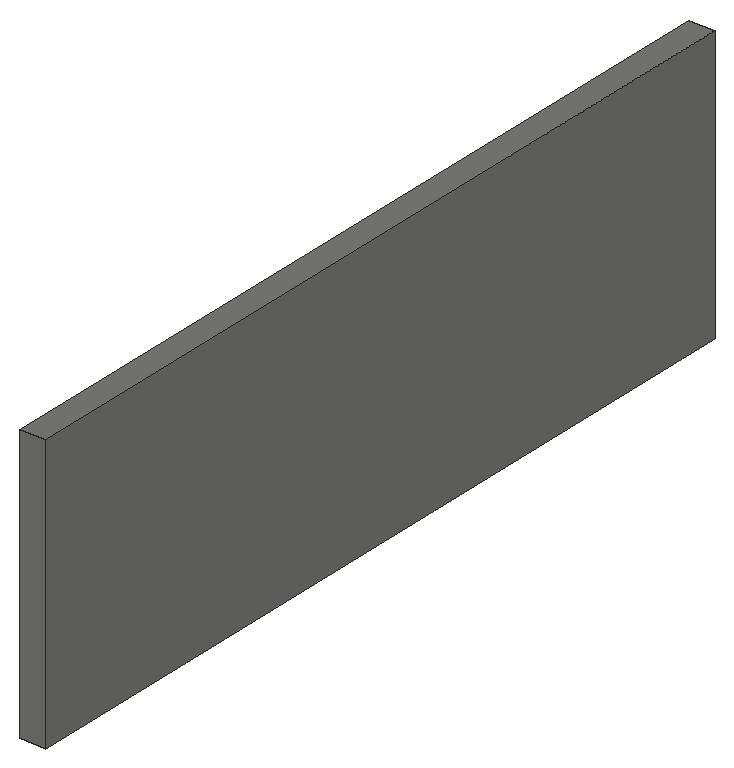
Revit family "Desk_Accessories-Teknion-BAMPM_Peninsula_Modesty_Panel_Metal-R2018", category Furniture, Revit 2018
Family settings
  OmniClass Number = 23.40.20.00
  OmniClass Title = General Furniture and Specialties
  Work Plane-Based = No
  Always vertical = Yes
  Cut with Voids When Loaded = No
  Shared = Yes
  Room Calculation Point = No
Parameters (values of type "Dual-Leg Peninsula Style, Half Modesty Panel Height")
  Width [instance] = 48.000"
  Warranty = "http://www.teknion.com/ca/papers/legal-canada"
  Unit Weight URL = "http://www.teknion.com/ca/tools/assets#&asset=bee6a381-b954-425e-8283-5a2de3a804f2,f828d448-4b62-4231-9e5f-9a8991c0ed77"
  URL = "www.teknion.com"
  To render please download texture images found here [instance] = "https://assets.teknion.com/web/5e81352c1dfdb467/revit-material-swatches/"
  Sustainability Data = "https://www.teknion.com/ca/tools/assets#&topic=216f99a5-57a0-44fc-b10a-9dee9b29ae4c&asset=444deb64-fe58-4b68-981e-f75e97781df7,b4ff2d81-9f2e-437d-9659-7cffb09c31cf"
  Series = "Expansion Casegoods"  # constant formula
  Product Page URL = "https://www.teknion.com/ca/products/product-details?productLineId=0053336e-8e7a-673b-a6c8-ff00004460c4"
  Product Line = "Expansion Casegoods"  # constant formula
  Product Documentation Link = "https://www.teknion.com/pricing/expansion-casegoods/pdfs/Bampm_ppg.pdf"
  Part Number = "BAMPM"  # constant formula
  Modesty Panel and Hardware Finish [instance] = Paint - Teknion - Mica - Anthracite
  Model = "BAMPMDH__N"
  Manufacturer Phone = "416-661-3370"  # constant formula
  Manufacturer Fax = "416.661.4586"  # constant formula
  Manufacturer Contact Information = "http://www.teknion.com/ca/contactus"
  Manufacturer Address = "1150 Flint Road, Toronto, ON. M3J 2J5. Canada"  # constant formula
  Manufacturer = "Teknion"  # constant formula
  How To Use Teknion Materials User Guide [instance] = "https://assets.teknion.com/m/205dd0a49fa58060/original/How-to-add-a-Material-Library-and-Texture-Images-to-your-Revit-project.pdf"
  For Additional Finishes please visit [instance] = "https://assets.teknion.com/m/44a8009b046e5d47/original/Teknion_Materials_Library.zip"
  Dual Leg = yes
  Description = "Peninsula Modesty Panel – Metal, Dual-Leg Peninsula Style, Half Modesty Panel Height, Solid Style"
  Available Widths [instance] = "48, 54, 60, 66, 72, 78, or 84 inches."  # constant formula
  Assembly Code = "E2020200"
  Actual Width [instance] = if(and(Dual Leg, Width = 48.000"), 33.268", if(and(Dual Leg, Width = 54.000"), 39.240", if(and(Dual Leg, Width = 60.000"), 45.209", if(and(Dual Leg, Width = 66.000"), 51.177", if(and(Dual Leg, Width = 72.000"), 57.150", if(and(Dual Leg, Width = 78.000"), 63.118", if(and(Dual Leg, Width = 84.000"), 69.091", if(and(not(Dual Leg), Width = 48.000"), 25.484", if(and(not(Dual Leg), Width = 54.000"), 31.453", if(and(not(Dual Leg), Width = 60.000"), 37.425", if(and(not(Dual Leg), Width = 66.000"), 43.394", if(and(not(Dual Leg), Width = 72.000"), 49.362", if(and(not(Dual Leg), Width = 78.000"), 55.335", 61.303")))))))))))))  # 33.268"
Types (3): name | Model | Dual Leg | Description | Actual Width
  (no name) | "BAMPMDH__N" | yes | "Peninsula Modesty Panel – Metal, Dual-Leg Peninsula Style, Half Modesty Panel Height, Solid Style" | 33.268"
  Dual-Leg Peninsula Style, Half Modesty Panel Height | "BAMPMDH__N" | yes | "Peninsula Modesty Panel – Metal, Dual-Leg Peninsula Style, Half Modesty Panel Height, Solid Style" | 33.268"
  Mono-Leg or Base Peninsula Style, Half Modesty Panel Height | "BAMPMMH__N" | no | "Peninsula Modesty Panel – Metal, Mono-Leg or Base Peninsula Style, Half Modesty Panel Height, Solid Style" | 25.484"
Reference planes (in)
  plane 1 "Center Front/Back": y = -0.02515
  plane 2: z = 0
  plane 3 "Center Left/Right": x = 0
  plane 4 "Left": x = -0.50787
  plane 5 "Right": x = 0.50787
  plane 6 "Back": y = 16.60885
  plane 7 "Front": y = -16.65915
  plane 8 "Top": z = 27.53543
  plane 9: z = 16.53543
Forms (in)
  Sweep 1, solid, material "Paint - Teknion - Mica - Anthracite" <- "Modesty Panel and Hardware Finish"
    path origin (0, -0.02515, 0) x (1, 0, 0) y (0, 0, 1)
      loop
        line (0, 16.53543) -> (0, 27.53543)
    profile origin (0, -0.02515, 22.03543) x (-1, 0, 0) y (0, -1, 0)
      loop
        line (0.50787, 16.634) -> (-0.50787, 16.634) -> (-0.50787, -16.634) -> (0.50787, -16.634) -> (0.50787, 16.634)
  Sweep 2, void
    path origin (0, 0, 0) x (1, 0, 0) y (0, 1, 0)
      loop
        line (-0.50787, -0.02515) -> (0.45984, -0.02515)
    profile origin (-0.02402, -0.02515, 0) x (0, 1, 0) y (0, 0, 1)
      loop
        line (-15.4903, 25.76378) -> (-15.4903, 17.79528) -> (15.49055, 17.79528) -> (15.49055, 25.76378) -> (-15.4903, 25.76378)
Cuts and joins
  Sweep 2 cuts Sweep 1
Lines and regions (in)
  symbolic lines, style "FurnitureHiddenLines", detail levels medium+fine
    curve 1: line (-0.50787, 16.60885, 0) -> (-0.50787, -16.65915, 0)
    curve 2: line (0.50787, 16.60885, 0) -> (0.50787, -16.65915, 0)
    curve 3: line (-0.50787, 16.60885, 0) -> (0.50787, 16.60885, 0)
    curve 4: line (-0.50787, -16.65915, 0) -> (0.50787, -16.65915, 0)
  symbolic lines, style "FurnitureHiddenLines", detail levels fine
    curve 5: line (0.45984, 15.46541, 0) -> (-0.50787, 15.46541, 0)
    curve 6: line (0.45984, -15.51544, 0) -> (0.45984, 15.46541, 0)
    curve 7: line (-0.50787, -15.51544, 0) -> (0.45984, -15.51544, 0)
Dimensions and locks (in)
  plane 4 "Left" to plane 3 "Center Left/Right" to plane 5 "Right" = 0.50787" locked, 0.50787" locked
  "Actual Width": plane 6 "Back" to plane 7 "Front"
  locked: plane 8 "Top" to level at 27.53543
  equal spacing: plane 6 "Back", plane 1 "Center Front/Back", plane 7 "Front"
  locked: plane 8 "Top" to plane 9 at 11
  locked: plane 4 "Left" to Sweep 2 sketch curve at 0.96772
  locked: plane 8 "Top" to Sweep 2 sketch curve at 1.77165
  locked: plane 7 "Front" to Sweep 2 sketch curve at 1.1437
  locked: Sweep 2 sketch curve to plane 6 "Back" at 1.14345
  locked: Sweep 2 sketch curve to plane 9 at 1.25984
  aligned and locked: level to plane 2
  aligned and locked: nested 1 to plane 7 "Front"
  aligned and locked: nested 1 to plane 3 "Center Left/Right"
  aligned and locked: plane 8 "Top" to Sweep 1 sketch curve
  aligned and locked: plane 9 to Sweep 1 sketch curve
  aligned and locked: plane 3 "Center Left/Right" to Sweep 1 sketch curve
  aligned and locked: Sweep 1 sketch curve to plane 7 "Front"
  aligned and locked: Sweep 1 sketch curve to plane 5 "Right"
  aligned and locked: Sweep 1 sketch curve to plane 4 "Left"
  aligned and locked: Sweep 1 sketch curve to plane 6 "Back"
  aligned and locked: curve 1 to plane 4 "Left"
  aligned and locked: curve 2 to plane 5 "Right"
  aligned and locked: curve 3 to plane 6 "Back"
  aligned and locked: curve 4 to plane 7 "Front"
  aligned and locked: plane 4 "Left" to Sweep 2 sketch curve
  aligned and locked: Sweep 2 sketch curve to plane 1 "Center Front/Back"
  aligned and locked: curve 5 to cut or joined group of Sweep 1, Sweep 2
  aligned and locked: curve 6 to cut or joined group of Sweep 1, Sweep 2
  aligned and locked: curve 7 to cut or joined group of Sweep 1, Sweep 2
Nested families (in)
  nested 1: "Teknion_2D_Node_Family-R2016" at (0, -16.65915, 0), type "Teknion_2D_Node_Family-R2016"
Definition of nested family "Teknion_2D_Node_Family-R2016"
  Reference planes (in)
    plane 1 "Center (Front/Back)": y = 0
    plane 2: z = 0
    plane 3 "Center (Left/Right)": x = 0
  Lines and regions (in)
    detail lines, in view "Ref. Level"
      curve 1: circle (0, 0, 0) r 1.25 normal (0, 0, 1)
      curve 2: line (1.91508, -1.91508, 0) -> (-1.91508, 1.91508, 0)
      curve 3: line (-1.91508, -1.91508, 0) -> (1.91508, 1.91508, 0)
